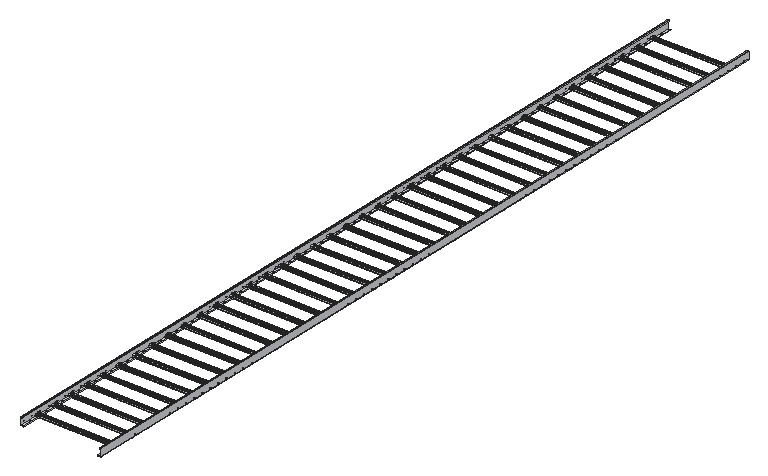
Revit family "Kabelleiter LG 60, 6 m VS FT", category Generic Models, Revit 2017 (continued)
Automatic sketch dimensions
  plane 1691 to Extrusion 663 sketch curve = 8.5 mm
  Extrusion 664 sketch curve to plane 1693 = 8.5 mm
  plane 1693 to Extrusion 664 sketch curve = 8.5 mm
  Extrusion 665 sketch curve to plane 1695 = 8.5 mm
  plane 1695 to Extrusion 665 sketch curve = 8.5 mm
  Extrusion 666 sketch curve to plane 1697 = 8.5 mm
  plane 1697 to Extrusion 666 sketch curve = 8.5 mm
  Extrusion 667 sketch curve to plane 1699 = 8.5 mm
  plane 1699 to Extrusion 667 sketch curve = 8.5 mm
  Extrusion 668 sketch curve to plane 1701 = 8.5 mm
  plane 1701 to Extrusion 668 sketch curve = 8.5 mm
  Extrusion 669 sketch curve to plane 1703 = 8.5 mm
  plane 1703 to Extrusion 669 sketch curve = 8.5 mm
  Extrusion 670 sketch curve to plane 1705 = 8.5 mm
  plane 1705 to Extrusion 670 sketch curve = 8.5 mm
  Extrusion 671 sketch curve to plane 1707 = 8.5 mm
  plane 1707 to Extrusion 671 sketch curve = 8.5 mm
  Extrusion 672 sketch curve to plane 1709 = 8.5 mm
  plane 1709 to Extrusion 672 sketch curve = 8.5 mm
  Extrusion 673 sketch curve to plane 1711 = 8.5 mm
  plane 1711 to Extrusion 673 sketch curve = 8.5 mm
  Extrusion 674 sketch curve to plane 1713 = 8.5 mm
  plane 1713 to Extrusion 674 sketch curve = 8.5 mm
  Extrusion 675 sketch curve to plane 1715 = 8.5 mm
  plane 1715 to Extrusion 675 sketch curve = 8.5 mm
  Extrusion 676 sketch curve to plane 1717 = 8.5 mm
  plane 1717 to Extrusion 676 sketch curve = 8.5 mm
  Extrusion 677 sketch curve to plane 1719 = 8.5 mm
  plane 1719 to Extrusion 677 sketch curve = 8.5 mm
  Extrusion 678 sketch curve to plane 1722 = 8.5 mm
  Extrusion 679 sketch curve to plane 1725 = 8.5 mm
  Extrusion 680 sketch curve to plane 1728 = 8.5 mm
  Extrusion 681 sketch curve to plane 1731 = 8.5 mm
  Extrusion 682 sketch curve to plane 1734 = 8.5 mm
  Extrusion 683 sketch curve to plane 1737 = 8.5 mm
  Extrusion 684 sketch curve to plane 1740 = 8.5 mm
  Extrusion 685 sketch curve to plane 1743 = 8.5 mm
  Extrusion 686 sketch curve to plane 1746 = 8.5 mm
  Extrusion 687 sketch curve to plane 1749 = 8.5 mm
  Extrusion 688 sketch curve to plane 1752 = 8.5 mm
  Extrusion 689 sketch curve to plane 1755 = 8.5 mm
  Extrusion 690 sketch curve to plane 1758 = 8.5 mm
  Extrusion 691 sketch curve to plane 1761 = 8.5 mm
  Extrusion 692 sketch curve to plane 1764 = 8.5 mm
  Extrusion 693 sketch curve to plane 1767 = 8.5 mm
  Extrusion 694 sketch curve to plane 1770 = 8.5 mm
  Extrusion 695 sketch curve to plane 1773 = 8.5 mm
  Extrusion 696 sketch curve to plane 1776 = 8.5 mm
  Extrusion 697 sketch curve to plane 1779 = 8.5 mm
  Extrusion 698 sketch curve to plane 1782 = 8.5 mm
  Extrusion 699 sketch curve to plane 1785 = 8.5 mm
  Extrusion 700 sketch curve to plane 1788 = 8.5 mm
  Extrusion 701 sketch curve to plane 1791 = 8.5 mm
  Extrusion 702 sketch curve to plane 1794 = 8.5 mm
  Extrusion 703 sketch curve to plane 1797 = 8.5 mm
  Extrusion 704 sketch curve to plane 1800 = 8.5 mm
  Extrusion 705 sketch curve to plane 1803 = 8.5 mm
  Extrusion 706 sketch curve to plane 1806 = 8.5 mm
  Extrusion 707 sketch curve to plane 1809 = 8.5 mm
  Extrusion 708 sketch curve to plane 1812 = 8.5 mm
  Extrusion 709 sketch curve to plane 1815 = 8.5 mm
  Extrusion 710 sketch curve to plane 1818 = 8.5 mm
  Extrusion 711 sketch curve to plane 1821 = 8.5 mm
  Extrusion 712 sketch curve to plane 1824 = 8.5 mm
  Extrusion 713 sketch curve to plane 1827 = 8.5 mm
  Extrusion 714 sketch curve to plane 1830 = 8.5 mm
  Extrusion 715 sketch curve to plane 1832 = 8.5 mm
  plane 1832 to Extrusion 715 sketch curve = 8.5 mm
  Extrusion 716 sketch curve to plane 1834 = 8.5 mm
  plane 1834 to Extrusion 716 sketch curve = 8.5 mm
  Extrusion 717 sketch curve to plane 1836 = 8.5 mm
  plane 1836 to Extrusion 717 sketch curve = 8.5 mm
  Extrusion 718 sketch curve to plane 1838 = 8.5 mm
  plane 1838 to Extrusion 718 sketch curve = 8.5 mm
  Extrusion 719 sketch curve to plane 1840 = 8.5 mm
  plane 1840 to Extrusion 719 sketch curve = 8.5 mm
  Extrusion 720 sketch curve to plane 1842 = 8.5 mm
  plane 1842 to Extrusion 720 sketch curve = 8.5 mm
  Extrusion 721 sketch curve to plane 1844 = 8.5 mm
  plane 1844 to Extrusion 721 sketch curve = 8.5 mm
  Extrusion 722 sketch curve to plane 1846 = 8.5 mm
  plane 1846 to Extrusion 722 sketch curve = 8.5 mm
  Extrusion 723 sketch curve to plane 1848 = 8.5 mm
  plane 1848 to Extrusion 723 sketch curve = 8.5 mm
  Extrusion 724 sketch curve to plane 1850 = 8.5 mm
  plane 1850 to Extrusion 724 sketch curve = 8.5 mm
  Extrusion 725 sketch curve to plane 1852 = 8.5 mm
  plane 1852 to Extrusion 725 sketch curve = 8.5 mm
  Extrusion 726 sketch curve to plane 1854 = 8.5 mm
  plane 1854 to Extrusion 726 sketch curve = 8.5 mm
  Extrusion 727 sketch curve to plane 1856 = 8.5 mm
  plane 1856 to Extrusion 727 sketch curve = 8.5 mm
  Extrusion 728 sketch curve to plane 1858 = 8.5 mm
  plane 1858 to Extrusion 728 sketch curve = 8.5 mm
  Extrusion 729 sketch curve to plane 1860 = 8.5 mm
  plane 1860 to Extrusion 729 sketch curve = 8.5 mm
  Extrusion 730 sketch curve to plane 1862 = 8.5 mm
  plane 1862 to Extrusion 730 sketch curve = 8.5 mm
  Extrusion 731 sketch curve to plane 1864 = 8.5 mm
  plane 1864 to Extrusion 731 sketch curve = 8.5 mm
  Extrusion 732 sketch curve to plane 1866 = 8.5 mm
  plane 1866 to Extrusion 732 sketch curve = 8.5 mm
  Extrusion 733 sketch curve to plane 1868 = 8.5 mm
  plane 1868 to Extrusion 733 sketch curve = 8.5 mm
  Extrusion 734 sketch curve to plane 1870 = 8.5 mm
  plane 1870 to Extrusion 734 sketch curve = 8.5 mm
  Extrusion 735 sketch curve to plane 1872 = 8.5 mm
  plane 1872 to Extrusion 735 sketch curve = 8.5 mm
  Extrusion 736 sketch curve to plane 1874 = 8.5 mm
  plane 1874 to Extrusion 736 sketch curve = 8.5 mm
  Extrusion 737 sketch curve to plane 1876 = 8.5 mm
  plane 1876 to Extrusion 737 sketch curve = 8.5 mm
  Extrusion 738 sketch curve to plane 1878 = 8.5 mm
  plane 1878 to Extrusion 738 sketch curve = 8.5 mm
  Extrusion 739 sketch curve to plane 1880 = 8.5 mm
  plane 1880 to Extrusion 739 sketch curve = 8.5 mm
  Extrusion 740 sketch curve to plane 1882 = 8.5 mm
  plane 1882 to Extrusion 740 sketch curve = 8.5 mm
  Extrusion 741 sketch curve to plane 1884 = 8.5 mm
  plane 1884 to Extrusion 741 sketch curve = 8.5 mm
  Extrusion 742 sketch curve to plane 1886 = 8.5 mm
  plane 1886 to Extrusion 742 sketch curve = 8.5 mm
  Extrusion 743 sketch curve to plane 1888 = 8.5 mm
  plane 1888 to Extrusion 743 sketch curve = 8.5 mm
  Extrusion 744 sketch curve to plane 1890 = 8.5 mm
  plane 1890 to Extrusion 744 sketch curve = 8.5 mm
  Extrusion 745 sketch curve to plane 1892 = 8.5 mm
  plane 1892 to Extrusion 745 sketch curve = 8.5 mm
  Extrusion 746 sketch curve to plane 1894 = 8.5 mm
  plane 1894 to Extrusion 746 sketch curve = 8.5 mm
  Extrusion 747 sketch curve to plane 1896 = 8.5 mm
  plane 1896 to Extrusion 747 sketch curve = 8.5 mm
  Extrusion 748 sketch curve to plane 1898 = 8.5 mm
  plane 1898 to Extrusion 748 sketch curve = 8.5 mm
  Extrusion 749 sketch curve to plane 1900 = 8.5 mm
  plane 1900 to Extrusion 749 sketch curve = 8.5 mm
  Extrusion 750 sketch curve to plane 1902 = 8.5 mm
  plane 1902 to Extrusion 750 sketch curve = 8.5 mm
  Extrusion 751 sketch curve to plane 1904 = 8.5 mm
  plane 1904 to Extrusion 751 sketch curve = 8.5 mm
  Extrusion 752 sketch curve to plane 1907 = 8.5 mm
  Extrusion 753 sketch curve to plane 1910 = 8.5 mm
  Extrusion 754 sketch curve to plane 1913 = 8.5 mm
  Extrusion 755 sketch curve to plane 1916 = 8.5 mm
  Extrusion 756 sketch curve to plane 1919 = 8.5 mm
  Extrusion 757 sketch curve to plane 1922 = 8.5 mm
  Extrusion 758 sketch curve to plane 1925 = 8.5 mm
  Extrusion 759 sketch curve to plane 1928 = 8.5 mm
  Extrusion 760 sketch curve to plane 1931 = 8.5 mm
  Extrusion 761 sketch curve to plane 1934 = 8.5 mm
  Extrusion 762 sketch curve to plane 1937 = 8.5 mm
  Extrusion 763 sketch curve to plane 1940 = 8.5 mm
  Extrusion 764 sketch curve to plane 1943 = 8.5 mm
  Extrusion 765 sketch curve to plane 1946 = 8.5 mm
  Extrusion 766 sketch curve to plane 1949 = 8.5 mm
  Extrusion 767 sketch curve to plane 1952 = 8.5 mm
  Extrusion 768 sketch curve to plane 1955 = 8.5 mm
  Extrusion 769 sketch curve to plane 1958 = 8.5 mm
  Extrusion 770 sketch curve to plane 1961 = 8.5 mm
  Extrusion 771 sketch curve to plane 1964 = 8.5 mm
  Extrusion 772 sketch curve to plane 1967 = 8.5 mm
  Extrusion 773 sketch curve to plane 1970 = 8.5 mm
  Extrusion 774 sketch curve to plane 1973 = 8.5 mm
  Extrusion 775 sketch curve to plane 1976 = 8.5 mm
  Extrusion 776 sketch curve to plane 1979 = 8.5 mm
  Extrusion 777 sketch curve to plane 1982 = 8.5 mm
  Extrusion 778 sketch curve to plane 1985 = 8.5 mm
  Extrusion 779 sketch curve to plane 1988 = 8.5 mm
  Extrusion 780 sketch curve to plane 1991 = 8.5 mm
  Extrusion 781 sketch curve to plane 1994 = 8.5 mm
  Extrusion 782 sketch curve to plane 1997 = 8.5 mm
  Extrusion 783 sketch curve to plane 2000 = 8.5 mm
  Extrusion 784 sketch curve to plane 2003 = 8.5 mm
  Extrusion 785 sketch curve to plane 2006 = 8.5 mm
  Extrusion 786 sketch curve to plane 2009 = 8.5 mm
  Extrusion 787 sketch curve to plane 2012 = 8.5 mm
  Extrusion 788 sketch curve to plane 2015 = 8.5 mm
  Extrusion 789 sketch curve to plane 2017 = 8.5 mm
  plane 2017 to Extrusion 789 sketch curve = 8.5 mm
  Extrusion 790 sketch curve to plane 2019 = 8.5 mm
  plane 2019 to Extrusion 790 sketch curve = 8.5 mm
  Extrusion 791 sketch curve to plane 2021 = 8.5 mm
  plane 2021 to Extrusion 791 sketch curve = 8.5 mm
  Extrusion 792 sketch curve to plane 2023 = 8.5 mm
  plane 2023 to Extrusion 792 sketch curve = 8.5 mm
  Extrusion 793 sketch curve to plane 2025 = 8.5 mm
  plane 2025 to Extrusion 793 sketch curve = 8.5 mm
  Extrusion 794 sketch curve to plane 2027 = 8.5 mm
  plane 2027 to Extrusion 794 sketch curve = 8.5 mm
  Extrusion 795 sketch curve to plane 2029 = 8.5 mm
  plane 2029 to Extrusion 795 sketch curve = 8.5 mm
  Extrusion 796 sketch curve to plane 2031 = 8.5 mm
  plane 2031 to Extrusion 796 sketch curve = 8.5 mm
  Extrusion 797 sketch curve to plane 2033 = 8.5 mm
  plane 2033 to Extrusion 797 sketch curve = 8.5 mm
  Extrusion 798 sketch curve to plane 2035 = 8.5 mm
  plane 2035 to Extrusion 798 sketch curve = 8.5 mm
  Extrusion 799 sketch curve to plane 2037 = 8.5 mm
  plane 2037 to Extrusion 799 sketch curve = 8.5 mm
  Extrusion 800 sketch curve to plane 2039 = 8.5 mm
  plane 2039 to Extrusion 800 sketch curve = 8.5 mm
  Extrusion 801 sketch curve to plane 2041 = 8.5 mm
  plane 2041 to Extrusion 801 sketch curve = 8.5 mm
  Extrusion 802 sketch curve to plane 2043 = 8.5 mm
  plane 2043 to Extrusion 802 sketch curve = 8.5 mm
  Extrusion 803 sketch curve to plane 2045 = 8.5 mm
  plane 2045 to Extrusion 803 sketch curve = 8.5 mm
  Extrusion 804 sketch curve to plane 2047 = 8.5 mm
  plane 2047 to Extrusion 804 sketch curve = 8.5 mm
  Extrusion 805 sketch curve to plane 2049 = 8.5 mm
  plane 2049 to Extrusion 805 sketch curve = 8.5 mm
  Extrusion 806 sketch curve to plane 2051 = 8.5 mm
  plane 2051 to Extrusion 806 sketch curve = 8.5 mm
  Extrusion 807 sketch curve to plane 2053 = 8.5 mm
  plane 2053 to Extrusion 807 sketch curve = 8.5 mm
  Extrusion 808 sketch curve to plane 2055 = 8.5 mm
  plane 2055 to Extrusion 808 sketch curve = 8.5 mm
  Extrusion 809 sketch curve to plane 2057 = 8.5 mm
  plane 2057 to Extrusion 809 sketch curve = 8.5 mm
  Extrusion 810 sketch curve to plane 2059 = 8.5 mm
  plane 2059 to Extrusion 810 sketch curve = 8.5 mm
  Extrusion 811 sketch curve to plane 2061 = 8.5 mm
  plane 2061 to Extrusion 811 sketch curve = 8.5 mm
  Extrusion 812 sketch curve to plane 2063 = 8.5 mm
  plane 2063 to Extrusion 812 sketch curve = 8.5 mm
  Extrusion 813 sketch curve to plane 2065 = 8.5 mm
  plane 2065 to Extrusion 813 sketch curve = 8.5 mm
  Extrusion 814 sketch curve to plane 2067 = 8.5 mm
  plane 2067 to Extrusion 814 sketch curve = 8.5 mm
  Extrusion 815 sketch curve to plane 2069 = 8.5 mm
  plane 2069 to Extrusion 815 sketch curve = 8.5 mm
  Extrusion 816 sketch curve to plane 2071 = 8.5 mm
  plane 2071 to Extrusion 816 sketch curve = 8.5 mm
  Extrusion 817 sketch curve to plane 2073 = 8.5 mm
  plane 2073 to Extrusion 817 sketch curve = 8.5 mm
  Extrusion 818 sketch curve to plane 2075 = 8.5 mm
  plane 2075 to Extrusion 818 sketch curve = 8.5 mm
  Extrusion 819 sketch curve to plane 2077 = 8.5 mm
  plane 2077 to Extrusion 819 sketch curve = 8.5 mm
  Extrusion 820 sketch curve to plane 2079 = 8.5 mm
  plane 2079 to Extrusion 820 sketch curve = 8.5 mm
  Extrusion 821 sketch curve to plane 2081 = 8.5 mm
  plane 2081 to Extrusion 821 sketch curve = 8.5 mm
  Extrusion 822 sketch curve to plane 2083 = 8.5 mm
  plane 2083 to Extrusion 822 sketch curve = 8.5 mm
  Extrusion 823 sketch curve to plane 2085 = 8.5 mm
  plane 2085 to Extrusion 823 sketch curve = 8.5 mm
  Extrusion 824 sketch curve to plane 2087 = 8.5 mm
  plane 2087 to Extrusion 824 sketch curve = 8.5 mm
  Extrusion 825 sketch curve to plane 2089 = 8.5 mm
  plane 2089 to Extrusion 825 sketch curve = 8.5 mm
  Extrusion 826 sketch curve to plane 2092 = 8.5 mm
  Extrusion 827 sketch curve to plane 2095 = 8.5 mm
  Extrusion 828 sketch curve to plane 2098 = 8.5 mm
  Extrusion 829 sketch curve to plane 2101 = 8.5 mm
  Extrusion 830 sketch curve to plane 2104 = 8.5 mm
  Extrusion 831 sketch curve to plane 2107 = 8.5 mm
  Extrusion 832 sketch curve to plane 2110 = 8.5 mm
  Extrusion 833 sketch curve to plane 2113 = 8.5 mm
  Extrusion 834 sketch curve to plane 2116 = 8.5 mm
  Extrusion 835 sketch curve to plane 2119 = 8.5 mm
  Extrusion 836 sketch curve to plane 2122 = 8.5 mm
  Extrusion 837 sketch curve to plane 2125 = 8.5 mm
  Extrusion 838 sketch curve to plane 2128 = 8.5 mm
  Extrusion 839 sketch curve to plane 2131 = 8.5 mm
  Extrusion 840 sketch curve to plane 2134 = 8.5 mm
  Extrusion 841 sketch curve to plane 2137 = 8.5 mm
  Extrusion 842 sketch curve to plane 2140 = 8.5 mm
  Extrusion 843 sketch curve to plane 2143 = 8.5 mm
  Extrusion 844 sketch curve to plane 2146 = 8.5 mm
  Extrusion 845 sketch curve to plane 2149 = 8.5 mm
  Extrusion 846 sketch curve to plane 2152 = 8.5 mm
  Extrusion 847 sketch curve to plane 2155 = 8.5 mm
  Extrusion 848 sketch curve to plane 2158 = 8.5 mm
  Extrusion 849 sketch curve to plane 2161 = 8.5 mm
  Extrusion 850 sketch curve to plane 2164 = 8.5 mm
  Extrusion 851 sketch curve to plane 2167 = 8.5 mm
  Extrusion 852 sketch curve to plane 2170 = 8.5 mm
  Extrusion 853 sketch curve to plane 2173 = 8.5 mm
  Extrusion 854 sketch curve to plane 2176 = 8.5 mm
  Extrusion 855 sketch curve to plane 2179 = 8.5 mm
  Extrusion 856 sketch curve to plane 2182 = 8.5 mm
  Extrusion 857 sketch curve to plane 2185 = 8.5 mm
  Extrusion 858 sketch curve to plane 2188 = 8.5 mm
  Extrusion 859 sketch curve to plane 2191 = 8.5 mm
  Extrusion 860 sketch curve to plane 2194 = 8.5 mm
  Extrusion 861 sketch curve to plane 2197 = 8.5 mm
  Extrusion 862 sketch curve to plane 2200 = 8.5 mm
  Extrusion 863 sketch curve to plane 2202 = 8.5 mm
  plane 2202 to Extrusion 863 sketch curve = 8.5 mm
  Extrusion 864 sketch curve to plane 2204 = 8.5 mm
  plane 2204 to Extrusion 864 sketch curve = 8.5 mm
  Extrusion 865 sketch curve to plane 2206 = 8.5 mm
  plane 2206 to Extrusion 865 sketch curve = 8.5 mm
  Extrusion 866 sketch curve to plane 2208 = 8.5 mm
  plane 2208 to Extrusion 866 sketch curve = 8.5 mm
  Extrusion 867 sketch curve to plane 2210 = 8.5 mm
  plane 2210 to Extrusion 867 sketch curve = 8.5 mm
  Extrusion 868 sketch curve to plane 2212 = 8.5 mm
  plane 2212 to Extrusion 868 sketch curve = 8.5 mm
  Extrusion 869 sketch curve to plane 2214 = 8.5 mm
  plane 2214 to Extrusion 869 sketch curve = 8.5 mm
  Extrusion 870 sketch curve to plane 2216 = 8.5 mm
  plane 2216 to Extrusion 870 sketch curve = 8.5 mm
  Extrusion 871 sketch curve to plane 2218 = 8.5 mm
  plane 2218 to Extrusion 871 sketch curve = 8.5 mm
  Extrusion 872 sketch curve to plane 2220 = 8.5 mm
  plane 2220 to Extrusion 872 sketch curve = 8.5 mm
  Extrusion 873 sketch curve to plane 2222 = 8.5 mm
  plane 2222 to Extrusion 873 sketch curve = 8.5 mm
  Extrusion 874 sketch curve to plane 2224 = 8.5 mm
  plane 2224 to Extrusion 874 sketch curve = 8.5 mm
  Extrusion 875 sketch curve to plane 2226 = 8.5 mm
  plane 2226 to Extrusion 875 sketch curve = 8.5 mm
  Extrusion 876 sketch curve to plane 2228 = 8.5 mm
  plane 2228 to Extrusion 876 sketch curve = 8.5 mm
  Extrusion 877 sketch curve to plane 2230 = 8.5 mm
  plane 2230 to Extrusion 877 sketch curve = 8.5 mm
  Extrusion 878 sketch curve to plane 2232 = 8.5 mm
  plane 2232 to Extrusion 878 sketch curve = 8.5 mm
  Extrusion 879 sketch curve to plane 2234 = 8.5 mm
  plane 2234 to Extrusion 879 sketch curve = 8.5 mm
  Extrusion 880 sketch curve to plane 2236 = 8.5 mm
  plane 2236 to Extrusion 880 sketch curve = 8.5 mm
  Extrusion 881 sketch curve to plane 2238 = 8.5 mm
  plane 2238 to Extrusion 881 sketch curve = 8.5 mm
  Extrusion 882 sketch curve to plane 2240 = 8.5 mm
  plane 2240 to Extrusion 882 sketch curve = 8.5 mm
  Extrusion 883 sketch curve to plane 2242 = 8.5 mm
  plane 2242 to Extrusion 883 sketch curve = 8.5 mm
  Extrusion 884 sketch curve to plane 2244 = 8.5 mm
  plane 2244 to Extrusion 884 sketch curve = 8.5 mm
  Extrusion 885 sketch curve to plane 2246 = 8.5 mm
  plane 2246 to Extrusion 885 sketch curve = 8.5 mm
  Extrusion 886 sketch curve to plane 2248 = 8.5 mm
  plane 2248 to Extrusion 886 sketch curve = 8.5 mm
  Extrusion 887 sketch curve to plane 2250 = 8.5 mm
  plane 2250 to Extrusion 887 sketch curve = 8.5 mm
  Extrusion 888 sketch curve to plane 2252 = 8.5 mm
  plane 2252 to Extrusion 888 sketch curve = 8.5 mm
  Extrusion 889 sketch curve to plane 2254 = 8.5 mm
  plane 2254 to Extrusion 889 sketch curve = 8.5 mm
  Extrusion 890 sketch curve to plane 2256 = 8.5 mm
  plane 2256 to Extrusion 890 sketch curve = 8.5 mm
  Extrusion 891 sketch curve to plane 2258 = 8.5 mm
  plane 2258 to Extrusion 891 sketch curve = 8.5 mm
  Extrusion 892 sketch curve to plane 2260 = 8.5 mm
  plane 2260 to Extrusion 892 sketch curve = 8.5 mm
  Extrusion 893 sketch curve to plane 2262 = 8.5 mm
  plane 2262 to Extrusion 893 sketch curve = 8.5 mm
  Extrusion 894 sketch curve to plane 2264 = 8.5 mm
  plane 2264 to Extrusion 894 sketch curve = 8.5 mm
  Extrusion 895 sketch curve to plane 2266 = 8.5 mm
  plane 2266 to Extrusion 895 sketch curve = 8.5 mm
  Extrusion 896 sketch curve to plane 2268 = 8.5 mm
  plane 2268 to Extrusion 896 sketch curve = 8.5 mm
  Extrusion 897 sketch curve to plane 2270 = 8.5 mm
  plane 2270 to Extrusion 897 sketch curve = 8.5 mm
  Extrusion 898 sketch curve to plane 2272 = 8.5 mm
  plane 2272 to Extrusion 898 sketch curve = 8.5 mm
  Extrusion 899 sketch curve to plane 2274 = 8.5 mm
  plane 2274 to Extrusion 899 sketch curve = 8.5 mm
  Extrusion 900 sketch curve to plane 2277 = 8.5 mm
  Extrusion 901 sketch curve to plane 2280 = 8.5 mm
  Extrusion 902 sketch curve to plane 2283 = 8.5 mm
  Extrusion 903 sketch curve to plane 2286 = 8.5 mm
  Extrusion 904 sketch curve to plane 2289 = 8.5 mm
  Extrusion 905 sketch curve to plane 2292 = 8.5 mm
  Extrusion 906 sketch curve to plane 2295 = 8.5 mm
  Extrusion 907 sketch curve to plane 2298 = 8.5 mm
  Extrusion 908 sketch curve to plane 2301 = 8.5 mm
  Extrusion 909 sketch curve to plane 2304 = 8.5 mm
  Extrusion 910 sketch curve to plane 2307 = 8.5 mm
  Extrusion 911 sketch curve to plane 2310 = 8.5 mm
  Extrusion 912 sketch curve to plane 2313 = 8.5 mm
  Extrusion 913 sketch curve to plane 2316 = 8.5 mm
  Extrusion 914 sketch curve to plane 2319 = 8.5 mm
  Extrusion 915 sketch curve to plane 2322 = 8.5 mm
  Extrusion 916 sketch curve to plane 2325 = 8.5 mm
  Extrusion 917 sketch curve to plane 2328 = 8.5 mm
  Extrusion 918 sketch curve to plane 2331 = 8.5 mm
  Extrusion 919 sketch curve to plane 2334 = 8.5 mm
  Extrusion 920 sketch curve to plane 2337 = 8.5 mm
  Extrusion 921 sketch curve to plane 2340 = 8.5 mm
  Extrusion 922 sketch curve to plane 2343 = 8.5 mm
  Extrusion 923 sketch curve to plane 2346 = 8.5 mm
  Extrusion 924 sketch curve to plane 2349 = 8.5 mm
  Extrusion 925 sketch curve to plane 2352 = 8.5 mm
  Extrusion 926 sketch curve to plane 2355 = 8.5 mm
  Extrusion 927 sketch curve to plane 2358 = 8.5 mm
  Extrusion 928 sketch curve to plane 2361 = 8.5 mm
  Extrusion 929 sketch curve to plane 2364 = 8.5 mm
  Extrusion 930 sketch curve to plane 2367 = 8.5 mm
  Extrusion 931 sketch curve to plane 2370 = 8.5 mm
  Extrusion 932 sketch curve to plane 2373 = 8.5 mm
  Extrusion 933 sketch curve to plane 2376 = 8.5 mm
  Extrusion 934 sketch curve to plane 2379 = 8.5 mm
  Extrusion 935 sketch curve to plane 2382 = 8.5 mm
  Extrusion 936 sketch curve to plane 2385 = 8.5 mm
  Extrusion 937 sketch curve to plane 2387 = 8.5 mm
  plane 2387 to Extrusion 937 sketch curve = 8.5 mm
  Extrusion 938 sketch curve to plane 2389 = 8.5 mm
  plane 2389 to Extrusion 938 sketch curve = 8.5 mm
  Extrusion 939 sketch curve to plane 2391 = 8.5 mm
  plane 2391 to Extrusion 939 sketch curve = 8.5 mm
  Extrusion 940 sketch curve to plane 2393 = 8.5 mm
  plane 2393 to Extrusion 940 sketch curve = 8.5 mm
  Extrusion 941 sketch curve to plane 2395 = 8.5 mm
  plane 2395 to Extrusion 941 sketch curve = 8.5 mm
  Extrusion 942 sketch curve to plane 2397 = 8.5 mm
  plane 2397 to Extrusion 942 sketch curve = 8.5 mm
  Extrusion 943 sketch curve to plane 2399 = 8.5 mm
  plane 2399 to Extrusion 943 sketch curve = 8.5 mm
  Extrusion 944 sketch curve to plane 2401 = 8.5 mm
  plane 2401 to Extrusion 944 sketch curve = 8.5 mm
  Extrusion 945 sketch curve to plane 2403 = 8.5 mm
  plane 2403 to Extrusion 945 sketch curve = 8.5 mm
  Extrusion 946 sketch curve to plane 2405 = 8.5 mm
  plane 2405 to Extrusion 946 sketch curve = 8.5 mm
  Extrusion 947 sketch curve to plane 2407 = 8.5 mm
  plane 2407 to Extrusion 947 sketch curve = 8.5 mm
  Extrusion 948 sketch curve to plane 2409 = 8.5 mm
  plane 2409 to Extrusion 948 sketch curve = 8.5 mm
  Extrusion 949 sketch curve to plane 2411 = 8.5 mm
  plane 2411 to Extrusion 949 sketch curve = 8.5 mm
  Extrusion 950 sketch curve to plane 2413 = 8.5 mm
  plane 2413 to Extrusion 950 sketch curve = 8.5 mm
  Extrusion 951 sketch curve to plane 2415 = 8.5 mm
  plane 2415 to Extrusion 951 sketch curve = 8.5 mm
  Extrusion 952 sketch curve to plane 2417 = 8.5 mm
  plane 2417 to Extrusion 952 sketch curve = 8.5 mm
  Extrusion 953 sketch curve to plane 2419 = 8.5 mm
  plane 2419 to Extrusion 953 sketch curve = 8.5 mm
  Extrusion 954 sketch curve to plane 2421 = 8.5 mm
  plane 2421 to Extrusion 954 sketch curve = 8.5 mm
  Extrusion 955 sketch curve to plane 2423 = 8.5 mm
  plane 2423 to Extrusion 955 sketch curve = 8.5 mm
  Extrusion 956 sketch curve to plane 2425 = 8.5 mm
  plane 2425 to Extrusion 956 sketch curve = 8.5 mm
  Extrusion 957 sketch curve to plane 2427 = 8.5 mm
  plane 2427 to Extrusion 957 sketch curve = 8.5 mm
  Extrusion 958 sketch curve to plane 2429 = 8.5 mm
  plane 2429 to Extrusion 958 sketch curve = 8.5 mm
  Extrusion 959 sketch curve to plane 2431 = 8.5 mm
  plane 2431 to Extrusion 959 sketch curve = 8.5 mm
  Extrusion 960 sketch curve to plane 2433 = 8.5 mm
  plane 2433 to Extrusion 960 sketch curve = 8.5 mm
  Extrusion 961 sketch curve to plane 2435 = 8.5 mm
  plane 2435 to Extrusion 961 sketch curve = 8.5 mm
  Extrusion 962 sketch curve to plane 2437 = 8.5 mm
  plane 2437 to Extrusion 962 sketch curve = 8.5 mm
  Extrusion 963 sketch curve to plane 2439 = 8.5 mm
  plane 2439 to Extrusion 963 sketch curve = 8.5 mm
  Extrusion 964 sketch curve to plane 2441 = 8.5 mm
  plane 2441 to Extrusion 964 sketch curve = 8.5 mm
  Extrusion 965 sketch curve to plane 2443 = 8.5 mm
  plane 2443 to Extrusion 965 sketch curve = 8.5 mm
  Extrusion 966 sketch curve to plane 2445 = 8.5 mm
  plane 2445 to Extrusion 966 sketch curve = 8.5 mm
  Extrusion 967 sketch curve to plane 2447 = 8.5 mm
  plane 2447 to Extrusion 967 sketch curve = 8.5 mm
  Extrusion 968 sketch curve to plane 2449 = 8.5 mm
  plane 2449 to Extrusion 968 sketch curve = 8.5 mm
  Extrusion 969 sketch curve to plane 2451 = 8.5 mm
  plane 2451 to Extrusion 969 sketch curve = 8.5 mm
  Extrusion 970 sketch curve to plane 2453 = 8.5 mm
  plane 2453 to Extrusion 970 sketch curve = 8.5 mm
  Extrusion 971 sketch curve to plane 2455 = 8.5 mm
  plane 2455 to Extrusion 971 sketch curve = 8.5 mm
  Extrusion 972 sketch curve to plane 2457 = 8.5 mm
  plane 2457 to Extrusion 972 sketch curve = 8.5 mm
  Extrusion 973 sketch curve to plane 2459 = 8.5 mm
  plane 2459 to Extrusion 973 sketch curve = 8.5 mm
  Extrusion 974 sketch curve to plane 2462 = 8.5 mm
  Extrusion 975 sketch curve to plane 2465 = 8.5 mm
  Extrusion 976 sketch curve to plane 2468 = 8.5 mm
  Extrusion 977 sketch curve to plane 2471 = 8.5 mm
  Extrusion 978 sketch curve to plane 2474 = 8.5 mm
  Extrusion 979 sketch curve to plane 2477 = 8.5 mm
  Extrusion 980 sketch curve to plane 2480 = 8.5 mm
  Extrusion 981 sketch curve to plane 2483 = 8.5 mm
  Extrusion 982 sketch curve to plane 2486 = 8.5 mm
  Extrusion 983 sketch curve to plane 2489 = 8.5 mm
  Extrusion 984 sketch curve to plane 2492 = 8.5 mm
  Extrusion 985 sketch curve to plane 2495 = 8.5 mm
  Extrusion 986 sketch curve to plane 2498 = 8.5 mm
  Extrusion 987 sketch curve to plane 2501 = 8.5 mm
  Extrusion 988 sketch curve to plane 2504 = 8.5 mm
  Extrusion 989 sketch curve to plane 2507 = 8.5 mm
  Extrusion 990 sketch curve to plane 2510 = 8.5 mm
  Extrusion 991 sketch curve to plane 2513 = 8.5 mm
  Extrusion 992 sketch curve to plane 2516 = 8.5 mm
  Extrusion 993 sketch curve to plane 2519 = 8.5 mm
  Extrusion 994 sketch curve to plane 2522 = 8.5 mm
  Extrusion 995 sketch curve to plane 2525 = 8.5 mm
  Extrusion 996 sketch curve to plane 2528 = 8.5 mm
  Extrusion 997 sketch curve to plane 2531 = 8.5 mm
  Extrusion 998 sketch curve to plane 2534 = 8.5 mm
  Extrusion 999 sketch curve to plane 2537 = 8.5 mm
  Extrusion 1000 sketch curve to plane 2540 = 8.5 mm
  Extrusion 1001 sketch curve to plane 2543 = 8.5 mm
  Extrusion 1002 sketch curve to plane 2546 = 8.5 mm
  Extrusion 1003 sketch curve to plane 2549 = 8.5 mm
  Extrusion 1004 sketch curve to plane 2552 = 8.5 mm
  Extrusion 1005 sketch curve to plane 2555 = 8.5 mm
  Extrusion 1006 sketch curve to plane 2558 = 8.5 mm
  Extrusion 1007 sketch curve to plane 2561 = 8.5 mm
  Extrusion 1008 sketch curve to plane 2564 = 8.5 mm
  Extrusion 1009 sketch curve to plane 2567 = 8.5 mm
  Extrusion 1010 sketch curve to plane 2570 = 8.5 mm
  Extrusion 1011 sketch curve to plane 2572 = 8.5 mm
  plane 2572 to Extrusion 1011 sketch curve = 8.5 mm
  Extrusion 1012 sketch curve to plane 2574 = 8.5 mm
  plane 2574 to Extrusion 1012 sketch curve = 8.5 mm
  Extrusion 1013 sketch curve to plane 2576 = 8.5 mm
  plane 2576 to Extrusion 1013 sketch curve = 8.5 mm
  Extrusion 1014 sketch curve to plane 2578 = 8.5 mm
  plane 2578 to Extrusion 1014 sketch curve = 8.5 mm
  Extrusion 1015 sketch curve to plane 2580 = 8.5 mm
  plane 2580 to Extrusion 1015 sketch curve = 8.5 mm
  Extrusion 1016 sketch curve to plane 2582 = 8.5 mm
  plane 2582 to Extrusion 1016 sketch curve = 8.5 mm
  Extrusion 1017 sketch curve to plane 2584 = 8.5 mm
  plane 2584 to Extrusion 1017 sketch curve = 8.5 mm
  Extrusion 1018 sketch curve to plane 2586 = 8.5 mm
  plane 2586 to Extrusion 1018 sketch curve = 8.5 mm
  Extrusion 1019 sketch curve to plane 2588 = 8.5 mm
  plane 2588 to Extrusion 1019 sketch curve = 8.5 mm
  Extrusion 1020 sketch curve to plane 2590 = 8.5 mm
  plane 2590 to Extrusion 1020 sketch curve = 8.5 mm
  Extrusion 1021 sketch curve to plane 2592 = 8.5 mm
  plane 2592 to Extrusion 1021 sketch curve = 8.5 mm
  Extrusion 1022 sketch curve to plane 2594 = 8.5 mm
  plane 2594 to Extrusion 1022 sketch curve = 8.5 mm
  Extrusion 1023 sketch curve to plane 2596 = 8.5 mm
  plane 2596 to Extrusion 1023 sketch curve = 8.5 mm
  Extrusion 1024 sketch curve to plane 2598 = 8.5 mm
  plane 2598 to Extrusion 1024 sketch curve = 8.5 mm
  Extrusion 1025 sketch curve to plane 2600 = 8.5 mm
  plane 2600 to Extrusion 1025 sketch curve = 8.5 mm
  Extrusion 1026 sketch curve to plane 2602 = 8.5 mm
  plane 2602 to Extrusion 1026 sketch curve = 8.5 mm
  Extrusion 1027 sketch curve to plane 2604 = 8.5 mm
  plane 2604 to Extrusion 1027 sketch curve = 8.5 mm
  Extrusion 1028 sketch curve to plane 2606 = 8.5 mm
  plane 2606 to Extrusion 1028 sketch curve = 8.5 mm
  Extrusion 1029 sketch curve to plane 2608 = 8.5 mm
  plane 2608 to Extrusion 1029 sketch curve = 8.5 mm
  Extrusion 1030 sketch curve to plane 2610 = 8.5 mm
  plane 2610 to Extrusion 1030 sketch curve = 8.5 mm
  Extrusion 1031 sketch curve to plane 2612 = 8.5 mm
  plane 2612 to Extrusion 1031 sketch curve = 8.5 mm
  Extrusion 1032 sketch curve to plane 2614 = 8.5 mm
  plane 2614 to Extrusion 1032 sketch curve = 8.5 mm
  Extrusion 1033 sketch curve to plane 2616 = 8.5 mm
  plane 2616 to Extrusion 1033 sketch curve = 8.5 mm
  Extrusion 1034 sketch curve to plane 2618 = 8.5 mm
  plane 2618 to Extrusion 1034 sketch curve = 8.5 mm
  Extrusion 1035 sketch curve to plane 2620 = 8.5 mm
  plane 2620 to Extrusion 1035 sketch curve = 8.5 mm
  Extrusion 1036 sketch curve to plane 2622 = 8.5 mm
  plane 2622 to Extrusion 1036 sketch curve = 8.5 mm
  Extrusion 1037 sketch curve to plane 2624 = 8.5 mm
  plane 2624 to Extrusion 1037 sketch curve = 8.5 mm
  Extrusion 1038 sketch curve to plane 2626 = 8.5 mm
  plane 2626 to Extrusion 1038 sketch curve = 8.5 mm
  Extrusion 1039 sketch curve to plane 2628 = 8.5 mm
  plane 2628 to Extrusion 1039 sketch curve = 8.5 mm
  Extrusion 1040 sketch curve to plane 2630 = 8.5 mm
  plane 2630 to Extrusion 1040 sketch curve = 8.5 mm
  Extrusion 1041 sketch curve to plane 2632 = 8.5 mm
  plane 2632 to Extrusion 1041 sketch curve = 8.5 mm
  Extrusion 1042 sketch curve to plane 2634 = 8.5 mm
  plane 2634 to Extrusion 1042 sketch curve = 8.5 mm
  Extrusion 1043 sketch curve to plane 2636 = 8.5 mm
  plane 2636 to Extrusion 1043 sketch curve = 8.5 mm
  Extrusion 1044 sketch curve to plane 2638 = 8.5 mm
  plane 2638 to Extrusion 1044 sketch curve = 8.5 mm
  Extrusion 1045 sketch curve to plane 2640 = 8.5 mm
  plane 2640 to Extrusion 1045 sketch curve = 8.5 mm
  Extrusion 1046 sketch curve to plane 2642 = 8.5 mm
  plane 2642 to Extrusion 1046 sketch curve = 8.5 mm
  Extrusion 1047 sketch curve to plane 2644 = 8.5 mm
  plane 2644 to Extrusion 1047 sketch curve = 8.5 mm
  Extrusion 1048 sketch curve to plane 2647 = 8.5 mm
  Extrusion 1049 sketch curve to plane 2650 = 8.5 mm
  Extrusion 1050 sketch curve to plane 2653 = 8.5 mm
  Extrusion 1051 sketch curve to plane 2656 = 8.5 mm
  Extrusion 1052 sketch curve to plane 2659 = 8.5 mm
  Extrusion 1053 sketch curve to plane 2662 = 8.5 mm
  Extrusion 1054 sketch curve to plane 2665 = 8.5 mm
  Extrusion 1055 sketch curve to plane 2668 = 8.5 mm
  Extrusion 1056 sketch curve to plane 2671 = 8.5 mm
  Extrusion 1057 sketch curve to plane 2674 = 8.5 mm
  Extrusion 1058 sketch curve to plane 2677 = 8.5 mm
  Extrusion 1059 sketch curve to plane 2680 = 8.5 mm
  Extrusion 1060 sketch curve to plane 2683 = 8.5 mm
  Extrusion 1061 sketch curve to plane 2686 = 8.5 mm
  Extrusion 1062 sketch curve to plane 2689 = 8.5 mm
  Extrusion 1063 sketch curve to plane 2692 = 8.5 mm
  Extrusion 1064 sketch curve to plane 2695 = 8.5 mm
  Extrusion 1065 sketch curve to plane 2698 = 8.5 mm
  Extrusion 1066 sketch curve to plane 2701 = 8.5 mm
  Extrusion 1067 sketch curve to plane 2704 = 8.5 mm
  Extrusion 1068 sketch curve to plane 2707 = 8.5 mm
  Extrusion 1069 sketch curve to plane 2710 = 8.5 mm
  Extrusion 1070 sketch curve to plane 2713 = 8.5 mm
  Extrusion 1071 sketch curve to plane 2716 = 8.5 mm
  Extrusion 1072 sketch curve to plane 2719 = 8.5 mm
  Extrusion 1073 sketch curve to plane 2722 = 8.5 mm
  Extrusion 1074 sketch curve to plane 2725 = 8.5 mm
  Extrusion 1075 sketch curve to plane 2728 = 8.5 mm
  Extrusion 1076 sketch curve to plane 2731 = 8.5 mm
  Extrusion 1077 sketch curve to plane 2734 = 8.5 mm
  Extrusion 1078 sketch curve to plane 2737 = 8.5 mm
  Extrusion 1079 sketch curve to plane 2740 = 8.5 mm
  Extrusion 1080 sketch curve to plane 2743 = 8.5 mm
  Extrusion 1081 sketch curve to plane 2746 = 8.5 mm
  Extrusion 1082 sketch curve to plane 2749 = 8.5 mm
  Extrusion 1083 sketch curve to plane 2752 = 8.5 mm
  Extrusion 1084 sketch curve to plane 2755 = 8.5 mm
  Extrusion 1085 sketch curve to plane 2757 = 8.5 mm
  plane 2757 to Extrusion 1085 sketch curve = 8.5 mm
  Extrusion 1086 sketch curve to plane 2759 = 8.5 mm
  plane 2759 to Extrusion 1086 sketch curve = 8.5 mm
  Extrusion 1087 sketch curve to plane 2761 = 8.5 mm
  plane 2761 to Extrusion 1087 sketch curve = 8.5 mm
  Extrusion 1088 sketch curve to plane 2763 = 8.5 mm
  plane 2763 to Extrusion 1088 sketch curve = 8.5 mm
  Extrusion 1089 sketch curve to plane 2765 = 8.5 mm
  plane 2765 to Extrusion 1089 sketch curve = 8.5 mm
  Extrusion 1090 sketch curve to plane 2767 = 8.5 mm
  plane 2767 to Extrusion 1090 sketch curve = 8.5 mm
  Extrusion 1091 sketch curve to plane 2769 = 8.5 mm
  plane 2769 to Extrusion 1091 sketch curve = 8.5 mm
  Extrusion 1092 sketch curve to plane 2771 = 8.5 mm
  plane 2771 to Extrusion 1092 sketch curve = 8.5 mm
  Extrusion 1093 sketch curve to plane 2773 = 8.5 mm
  plane 2773 to Extrusion 1093 sketch curve = 8.5 mm
  Extrusion 1094 sketch curve to plane 2775 = 8.5 mm
  plane 2775 to Extrusion 1094 sketch curve = 8.5 mm
  Extrusion 1095 sketch curve to plane 2777 = 8.5 mm
  plane 2777 to Extrusion 1095 sketch curve = 8.5 mm
  Extrusion 1096 sketch curve to plane 2779 = 8.5 mm
  plane 2779 to Extrusion 1096 sketch curve = 8.5 mm
  Extrusion 1097 sketch curve to plane 2781 = 8.5 mm
  plane 2781 to Extrusion 1097 sketch curve = 8.5 mm
  Extrusion 1098 sketch curve to plane 2783 = 8.5 mm
  plane 2783 to Extrusion 1098 sketch curve = 8.5 mm
  Extrusion 1099 sketch curve to plane 2785 = 8.5 mm
  plane 2785 to Extrusion 1099 sketch curve = 8.5 mm
  Extrusion 1100 sketch curve to plane 2787 = 8.5 mm
  plane 2787 to Extrusion 1100 sketch curve = 8.5 mm
  Extrusion 1101 sketch curve to plane 2789 = 8.5 mm
  plane 2789 to Extrusion 1101 sketch curve = 8.5 mm
  Extrusion 1102 sketch curve to plane 2791 = 8.5 mm
  plane 2791 to Extrusion 1102 sketch curve = 8.5 mm
  Extrusion 1103 sketch curve to plane 2793 = 8.5 mm
  plane 2793 to Extrusion 1103 sketch curve = 8.5 mm
  Extrusion 1104 sketch curve to plane 2795 = 8.5 mm
  plane 2795 to Extrusion 1104 sketch curve = 8.5 mm
  Extrusion 1105 sketch curve to plane 2797 = 8.5 mm
  plane 2797 to Extrusion 1105 sketch curve = 8.5 mm
  Extrusion 1106 sketch curve to plane 2799 = 8.5 mm
  plane 2799 to Extrusion 1106 sketch curve = 8.5 mm
  Extrusion 1107 sketch curve to plane 2801 = 8.5 mm
  plane 2801 to Extrusion 1107 sketch curve = 8.5 mm
  Extrusion 1108 sketch curve to plane 2803 = 8.5 mm
  plane 2803 to Extrusion 1108 sketch curve = 8.5 mm
  Extrusion 1109 sketch curve to plane 2805 = 8.5 mm
  plane 2805 to Extrusion 1109 sketch curve = 8.5 mm
  Extrusion 1110 sketch curve to plane 2807 = 8.5 mm
  plane 2807 to Extrusion 1110 sketch curve = 8.5 mm
  Extrusion 1111 sketch curve to plane 2809 = 8.5 mm
  plane 2809 to Extrusion 1111 sketch curve = 8.5 mm
  Extrusion 1112 sketch curve to plane 2811 = 8.5 mm
  plane 2811 to Extrusion 1112 sketch curve = 8.5 mm
  Extrusion 1113 sketch curve to plane 2813 = 8.5 mm
  plane 2813 to Extrusion 1113 sketch curve = 8.5 mm
  Extrusion 1114 sketch curve to plane 2815 = 8.5 mm
  plane 2815 to Extrusion 1114 sketch curve = 8.5 mm
  Extrusion 1115 sketch curve to plane 2817 = 8.5 mm
  plane 2817 to Extrusion 1115 sketch curve = 8.5 mm
  Extrusion 1116 sketch curve to plane 2819 = 8.5 mm
  plane 2819 to Extrusion 1116 sketch curve = 8.5 mm
  Extrusion 1117 sketch curve to plane 2821 = 8.5 mm
  plane 2821 to Extrusion 1117 sketch curve = 8.5 mm
  Extrusion 1118 sketch curve to plane 2823 = 8.5 mm
  plane 2823 to Extrusion 1118 sketch curve = 8.5 mm
  Extrusion 1119 sketch curve to plane 2825 = 8.5 mm
  plane 2825 to Extrusion 1119 sketch curve = 8.5 mm
  Extrusion 1120 sketch curve to plane 2827 = 8.5 mm
  plane 2827 to Extrusion 1120 sketch curve = 8.5 mm
  Extrusion 1121 sketch curve to plane 2829 = 8.5 mm
  plane 2829 to Extrusion 1121 sketch curve = 8.5 mm
  Extrusion 1122 sketch curve to plane 2832 = 8.5 mm
  Extrusion 1123 sketch curve to plane 2835 = 8.5 mm
  Extrusion 1124 sketch curve to plane 2838 = 8.5 mm
  Extrusion 1125 sketch curve to plane 2841 = 8.5 mm
  Extrusion 1126 sketch curve to plane 2844 = 8.5 mm
  Extrusion 1127 sketch curve to plane 2847 = 8.5 mm
  Extrusion 1128 sketch curve to plane 2850 = 8.5 mm
  Extrusion 1129 sketch curve to plane 2853 = 8.5 mm
  Extrusion 1130 sketch curve to plane 2856 = 8.5 mm
  Extrusion 1131 sketch curve to plane 2859 = 8.5 mm
  Extrusion 1132 sketch curve to plane 2862 = 8.5 mm
  Extrusion 1133 sketch curve to plane 2865 = 8.5 mm
  Extrusion 1134 sketch curve to plane 2868 = 8.5 mm
  Extrusion 1135 sketch curve to plane 2871 = 8.5 mm
  Extrusion 1136 sketch curve to plane 2874 = 8.5 mm
  Extrusion 1137 sketch curve to plane 2877 = 8.5 mm
  Extrusion 1138 sketch curve to plane 2880 = 8.5 mm
  Extrusion 1139 sketch curve to plane 2883 = 8.5 mm
  Extrusion 1140 sketch curve to plane 2886 = 8.5 mm
  Extrusion 1141 sketch curve to plane 2889 = 8.5 mm
  Extrusion 1142 sketch curve to plane 2892 = 8.5 mm
  Extrusion 1143 sketch curve to plane 2895 = 8.5 mm
  Extrusion 1144 sketch curve to plane 2898 = 8.5 mm
  Extrusion 1145 sketch curve to plane 2901 = 8.5 mm
  Extrusion 1146 sketch curve to plane 2904 = 8.5 mm
  Extrusion 1147 sketch curve to plane 2907 = 8.5 mm
  Extrusion 1148 sketch curve to plane 2910 = 8.5 mm
  Extrusion 1149 sketch curve to plane 2913 = 8.5 mm
  Extrusion 1150 sketch curve to plane 2916 = 8.5 mm
  Extrusion 1151 sketch curve to plane 2919 = 8.5 mm
  Extrusion 1152 sketch curve to plane 2922 = 8.5 mm
  Extrusion 1153 sketch curve to plane 2925 = 8.5 mm
  Extrusion 1154 sketch curve to plane 2928 = 8.5 mm
  Extrusion 1155 sketch curve to plane 2931 = 8.5 mm
  Extrusion 1156 sketch curve to plane 2934 = 8.5 mm
  Extrusion 1157 sketch curve to plane 2937 = 8.5 mm
  Extrusion 1158 sketch curve to plane 2940 = 8.5 mm
  Extrusion 1159 sketch curve to plane 2942 = 8.5 mm
  plane 2942 to Extrusion 1159 sketch curve = 8.5 mm
  Extrusion 1160 sketch curve to plane 2944 = 8.5 mm
  plane 2944 to Extrusion 1160 sketch curve = 8.5 mm
  Extrusion 1161 sketch curve to plane 2946 = 8.5 mm
  plane 2946 to Extrusion 1161 sketch curve = 8.5 mm
  Extrusion 1162 sketch curve to plane 2948 = 8.5 mm
  plane 2948 to Extrusion 1162 sketch curve = 8.5 mm
  Extrusion 1163 sketch curve to plane 2950 = 8.5 mm
  plane 2950 to Extrusion 1163 sketch curve = 8.5 mm
  Extrusion 1164 sketch curve to plane 2952 = 8.5 mm
  plane 2952 to Extrusion 1164 sketch curve = 8.5 mm
  Extrusion 1165 sketch curve to plane 2954 = 8.5 mm
  plane 2954 to Extrusion 1165 sketch curve = 8.5 mm
  Extrusion 1166 sketch curve to plane 2956 = 8.5 mm
  plane 2956 to Extrusion 1166 sketch curve = 8.5 mm
  Extrusion 1167 sketch curve to plane 2958 = 8.5 mm
  plane 2958 to Extrusion 1167 sketch curve = 8.5 mm
  Extrusion 1168 sketch curve to plane 2960 = 8.5 mm
  plane 2960 to Extrusion 1168 sketch curve = 8.5 mm
  Extrusion 1169 sketch curve to plane 2962 = 8.5 mm
  plane 2962 to Extrusion 1169 sketch curve = 8.5 mm
  Extrusion 1170 sketch curve to plane 2964 = 8.5 mm
  plane 2964 to Extrusion 1170 sketch curve = 8.5 mm
  Extrusion 1171 sketch curve to plane 2966 = 8.5 mm
  plane 2966 to Extrusion 1171 sketch curve = 8.5 mm
  Extrusion 1172 sketch curve to plane 2968 = 8.5 mm
  plane 2968 to Extrusion 1172 sketch curve = 8.5 mm
  Extrusion 1173 sketch curve to plane 2970 = 8.5 mm
  plane 2970 to Extrusion 1173 sketch curve = 8.5 mm
  Extrusion 1174 sketch curve to plane 2972 = 8.5 mm
  plane 2972 to Extrusion 1174 sketch curve = 8.5 mm
  Extrusion 1175 sketch curve to plane 2974 = 8.5 mm
  plane 2974 to Extrusion 1175 sketch curve = 8.5 mm
  Extrusion 1176 sketch curve to plane 2976 = 8.5 mm
  plane 2976 to Extrusion 1176 sketch curve = 8.5 mm
  Extrusion 1177 sketch curve to plane 2978 = 8.5 mm
  plane 2978 to Extrusion 1177 sketch curve = 8.5 mm
  Extrusion 1178 sketch curve to plane 2980 = 8.5 mm
  plane 2980 to Extrusion 1178 sketch curve = 8.5 mm
  Extrusion 1179 sketch curve to plane 2982 = 8.5 mm
  plane 2982 to Extrusion 1179 sketch curve = 8.5 mm
  Extrusion 1180 sketch curve to plane 2984 = 8.5 mm
  plane 2984 to Extrusion 1180 sketch curve = 8.5 mm
  Extrusion 1181 sketch curve to plane 2986 = 8.5 mm
  plane 2986 to Extrusion 1181 sketch curve = 8.5 mm
  Extrusion 1182 sketch curve to plane 2988 = 8.5 mm
  plane 2988 to Extrusion 1182 sketch curve = 8.5 mm
  Extrusion 1183 sketch curve to plane 2990 = 8.5 mm
  plane 2990 to Extrusion 1183 sketch curve = 8.5 mm
  Extrusion 1184 sketch curve to plane 2992 = 8.5 mm
  plane 2992 to Extrusion 1184 sketch curve = 8.5 mm
  Extrusion 1185 sketch curve to plane 2994 = 8.5 mm
  plane 2994 to Extrusion 1185 sketch curve = 8.5 mm
  Extrusion 1186 sketch curve to plane 2996 = 8.5 mm
  plane 2996 to Extrusion 1186 sketch curve = 8.5 mm
  Extrusion 1187 sketch curve to plane 2998 = 8.5 mm
  plane 2998 to Extrusion 1187 sketch curve = 8.5 mm
  Extrusion 1188 sketch curve to plane 3000 = 8.5 mm
  plane 3000 to Extrusion 1188 sketch curve = 8.5 mm
  Extrusion 1189 sketch curve to plane 3002 = 8.5 mm
  plane 3002 to Extrusion 1189 sketch curve = 8.5 mm
  Extrusion 1190 sketch curve to plane 3004 = 8.5 mm
  plane 3004 to Extrusion 1190 sketch curve = 8.5 mm
  Extrusion 1191 sketch curve to plane 3006 = 8.5 mm
  plane 3006 to Extrusion 1191 sketch curve = 8.5 mm
  Extrusion 1192 sketch curve to plane 3008 = 8.5 mm
  plane 3008 to Extrusion 1192 sketch curve = 8.5 mm
  Extrusion 1193 sketch curve to plane 3010 = 8.5 mm
  plane 3010 to Extrusion 1193 sketch curve = 8.5 mm
  Extrusion 1194 sketch curve to plane 3012 = 8.5 mm
  plane 3012 to Extrusion 1194 sketch curve = 8.5 mm
  Extrusion 1195 sketch curve to plane 3014 = 8.5 mm
  plane 3014 to Extrusion 1195 sketch curve = 8.5 mm
  Extrusion 1196 sketch curve to plane 3017 = 8.5 mm
  Extrusion 1197 sketch curve to plane 3020 = 8.5 mm
  Extrusion 1198 sketch curve to plane 3023 = 8.5 mm
  Extrusion 1199 sketch curve to plane 3026 = 8.5 mm
  Extrusion 1200 sketch curve to plane 3029 = 8.5 mm
  Extrusion 1201 sketch curve to plane 3032 = 8.5 mm
  Extrusion 1202 sketch curve to plane 3035 = 8.5 mm
  Extrusion 1203 sketch curve to plane 3038 = 8.5 mm
  Extrusion 1204 sketch curve to plane 3041 = 8.5 mm
  Extrusion 1205 sketch curve to plane 3044 = 8.5 mm
  Extrusion 1206 sketch curve to plane 3047 = 8.5 mm
  Extrusion 1207 sketch curve to plane 3050 = 8.5 mm
  Extrusion 1208 sketch curve to plane 3053 = 8.5 mm
  Extrusion 1209 sketch curve to plane 3056 = 8.5 mm
  Extrusion 1210 sketch curve to plane 3059 = 8.5 mm
  Extrusion 1211 sketch curve to plane 3062 = 8.5 mm
  Extrusion 1212 sketch curve to plane 3065 = 8.5 mm
  Extrusion 1213 sketch curve to plane 3068 = 8.5 mm
  Extrusion 1214 sketch curve to plane 3071 = 8.5 mm
  Extrusion 1215 sketch curve to plane 3074 = 8.5 mm
  Extrusion 1216 sketch curve to plane 3077 = 8.5 mm
  Extrusion 1217 sketch curve to plane 3080 = 8.5 mm
  Extrusion 1218 sketch curve to plane 3083 = 8.5 mm
  Extrusion 1219 sketch curve to plane 3086 = 8.5 mm
  Extrusion 1220 sketch curve to plane 3089 = 8.5 mm
  Extrusion 1221 sketch curve to plane 3092 = 8.5 mm
  Extrusion 1222 sketch curve to plane 3095 = 8.5 mm
  Extrusion 1223 sketch curve to plane 3098 = 8.5 mm
  Extrusion 1224 sketch curve to plane 3101 = 8.5 mm
  Extrusion 1225 sketch curve to plane 3104 = 8.5 mm
  Extrusion 1226 sketch curve to plane 3107 = 8.5 mm
  Extrusion 1227 sketch curve to plane 3110 = 8.5 mm
  Extrusion 1228 sketch curve to plane 3113 = 8.5 mm
  Extrusion 1229 sketch curve to plane 3116 = 8.5 mm
  Extrusion 1230 sketch curve to plane 3119 = 8.5 mm
  Extrusion 1231 sketch curve to plane 3122 = 8.5 mm
  Extrusion 1232 sketch curve to plane 3125 = 8.5 mm
  Extrusion 1 sketch curve to Extrusion 1 sketch curve = 0 mm  (x8)
  Extrusion 1 sketch curve to plane 3 "Center (Left/Right)" = 0 mm
  Extrusion 1 sketch curve to level = 0 mm  (x2)
  Extrusion 1 sketch curve to plane 4 = 0 mm
  Extrusion 1 sketch curve to Extrusion 1 sketch curve = 1 mm
  Extrusion 1 sketch curve to Extrusion 1 sketch curve = 4.5 mm
  Extrusion 1 sketch curve to plane 327 = 10.613 mm
  Extrusion 1 sketch curve to plane 15 = 1.058 mm
  Extrusion 43 sketch curve to plane 248 = 0 mm
  Extrusion 1233 sketch curve to Extrusion 1233 sketch curve = 11 mm
  Extrusion 1234 sketch curve to Extrusion 1234 sketch curve = 7 mm
  Extrusion 1233 sketch curve to Extrusion 1233 sketch curve = 17 mm
  Extrusion 1235 sketch curve to Extrusion 1235 sketch curve = 11 mm
  Extrusion 1235 sketch curve to Extrusion 1235 sketch curve = 17 mm
  Extrusion 1236 sketch curve to Extrusion 1236 sketch curve = 11 mm
  Extrusion 1236 sketch curve to Extrusion 1236 sketch curve = 17 mm
  Extrusion 1237 sketch curve to Extrusion 1237 sketch curve = 11 mm
  Extrusion 1237 sketch curve to Extrusion 1237 sketch curve = 17 mm
  Extrusion 1238 sketch curve to Extrusion 1238 sketch curve = 11 mm
  Extrusion 1238 sketch curve to Extrusion 1238 sketch curve = 17 mm
  Extrusion 1239 sketch curve to Extrusion 1239 sketch curve = 11 mm
  Extrusion 1239 sketch curve to Extrusion 1239 sketch curve = 17 mm
  Extrusion 1240 sketch curve to Extrusion 1240 sketch curve = 11 mm
  Extrusion 1240 sketch curve to Extrusion 1240 sketch curve = 17 mm
  Extrusion 1241 sketch curve to Extrusion 1241 sketch curve = 11 mm
  Extrusion 1241 sketch curve to Extrusion 1241 sketch curve = 17 mm
  Extrusion 1242 sketch curve to Extrusion 1242 sketch curve = 11 mm
  Extrusion 1242 sketch curve to Extrusion 1242 sketch curve = 17 mm
  Extrusion 1243 sketch curve to Extrusion 1243 sketch curve = 11 mm
  Extrusion 1243 sketch curve to Extrusion 1243 sketch curve = 17 mm
  Extrusion 1244 sketch curve to Extrusion 1244 sketch curve = 11 mm
  Extrusion 1244 sketch curve to Extrusion 1244 sketch curve = 17 mm
  Extrusion 1245 sketch curve to Extrusion 1245 sketch curve = 11 mm
  Extrusion 1245 sketch curve to Extrusion 1245 sketch curve = 17 mm
  Extrusion 1246 sketch curve to Extrusion 1246 sketch curve = 11 mm
  Extrusion 1246 sketch curve to Extrusion 1246 sketch curve = 17 mm
  Extrusion 1234 sketch curve to Extrusion 1234 sketch curve = 17 mm
  Extrusion 1247 sketch curve to Extrusion 1247 sketch curve = 7 mm
  Extrusion 1247 sketch curve to Extrusion 1247 sketch curve = 17 mm
  Extrusion 1248 sketch curve to Extrusion 1248 sketch curve = 7 mm
  Extrusion 1248 sketch curve to Extrusion 1248 sketch curve = 17 mm
  Extrusion 1249 sketch curve to Extrusion 1249 sketch curve = 7 mm
  Extrusion 1249 sketch curve to Extrusion 1249 sketch curve = 17 mm
  Extrusion 1250 sketch curve to Extrusion 1250 sketch curve = 7 mm
  Extrusion 1250 sketch curve to Extrusion 1250 sketch curve = 17 mm
  Extrusion 1251 sketch curve to Extrusion 1251 sketch curve = 7 mm
  Extrusion 1251 sketch curve to Extrusion 1251 sketch curve = 17 mm
  Extrusion 1252 sketch curve to Extrusion 1252 sketch curve = 7 mm
  Extrusion 1252 sketch curve to Extrusion 1252 sketch curve = 17 mm
  Extrusion 1253 sketch curve to Extrusion 1253 sketch curve = 7 mm
  Extrusion 1253 sketch curve to Extrusion 1253 sketch curve = 17 mm
  Extrusion 1254 sketch curve to Extrusion 1254 sketch curve = 7 mm
  Extrusion 1254 sketch curve to Extrusion 1254 sketch curve = 17 mm
  Extrusion 1255 sketch curve to Extrusion 1255 sketch curve = 7 mm
  Extrusion 1255 sketch curve to Extrusion 1255 sketch curve = 17 mm
  Extrusion 1256 sketch curve to Extrusion 1256 sketch curve = 7 mm
  Extrusion 1256 sketch curve to Extrusion 1256 sketch curve = 17 mm
  Extrusion 1257 sketch curve to Extrusion 1257 sketch curve = 7 mm
  Extrusion 1257 sketch curve to Extrusion 1257 sketch curve = 17 mm
  Extrusion 1258 sketch curve to Extrusion 1258 sketch curve = 7 mm
  Extrusion 1258 sketch curve to Extrusion 1258 sketch curve = 17 mm
